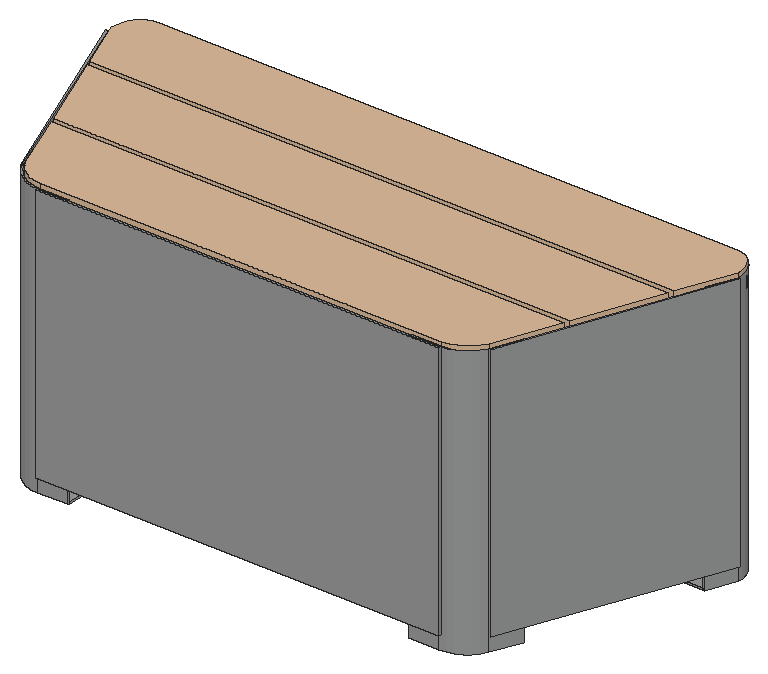
Revit family "1507-S-L", category Meble, Revit 2021
Family settings
  Numer OmniClass = 23.40.20.00
  Tytuł OmniClass = General Furniture and Specialties
  Oparty na płaszczyźnie roboczej = Nie
  Zawsze pionowo = Tak
  Tnij formami wycięć po wczytaniu = Nie
  Współdzielony = Nie
  Punkt obliczania pomieszczeń = Nie
Parameters (values of type "1507-S-L")
  wood = Mobilis Design Wood - Larch
  metal = Mobilis Design RAL 9023
  Width = "44 cm"
  Weight = "45 kg"
  URL = ""
  Product line = "AQUILA"
  Product Groups = ""
  Manufacturer = ""
  Keynote = ""
  Description = ""
  Model = "1507-S-L"
  Material = ""
  Maintenance = ""
  Lenght = "106 cm"
  Type Comments = ""
  Kobenhagen Materials = "larslaj.com/bim"
  Hosted on = ""
  Height = "45 cm"
  Domyślna rzędna = 0 mm
  Copyright = "All designs and drawings are the common intellectual property of Lars Laj A/S and Tress and are protected by Danish and international copyright laws."
Reference planes
  plane 1 "front": y = 0
  plane 2: z = 0
  plane 3 "Środek (Lewa/Prawa)": x = 0
  plane 4 "back": y = 400
  plane 5: z = 706.5
Forms (mm)
  Extrusion 1, solid, material "Mobilis Design RAL 9023" <- "metal", not visible
    sketch origin (0, 0, 0) x (0, 1, 0) y (0, 0, 1)
      loop
        arc (71.187, 451.5) -> (57.045, 445.642) -> (51.187, 431.5) r 20
        line (51.187, 431.5) -> (51.187, 18.231)
        arc (51.187, 18.231) -> (56.527, 5.34) -> (69.418, 0) r 18.231
        line (69.418, 0) -> (153.638, 0) -> (153.638, 15) -> (448.638, 15) -> (448.638, 0) -> (527.023, 0)
        arc (527.023, 0) -> (542.307, 6.331) -> (548.638, 21.615) r 21.615
        line (548.638, 21.615) -> (548.638, 429.407)
        arc (548.638, 429.407) -> (542.168, 445.029) -> (526.545, 451.5) r 22.093
        line (526.545, 451.5) -> (71.187, 451.5)
    from 750.378 to 745
  Extrusion 2, solid, material "Mobilis Design RAL 9023" <- "metal", not visible
    sketch origin (0, 0, 0) x (0, 1, 0) y (0, 0, 1)
      loop
        line (548.638, 396.844) -> (629.375, 854.725) -> (601.836, 859.581)
        arc (601.836, 859.581) -> (585.224, 855.898) -> (576.082, 841.547) r 22.232
        line (576.082, 841.547) -> (507.306, 451.5) -> (526.545, 451.5)
        arc (526.545, 451.5) -> (542.168, 445.029) -> (548.638, 429.407) r 22.093
        line (548.638, 429.407) -> (548.638, 396.844)
    from 745 to 750.378
  Extrusion 3, solid, material "Mobilis Design RAL 9023" <- "metal"
    sketch origin (0, 0, 0) x (1, 0, 0) y (0, 1, 0)
      loop
        arc (-520.66, 475.97) -> (-509.501, 508.042) -> (-478.734, 522.413) r 43.652
        line (-478.734, 522.413) -> (-427.881, 522.312) -> (-427.881, 525.412) -> (-478.784, 525.413)
        arc (-478.784, 525.413) -> (-511.824, 509.867) -> (-523.621, 475.312) r 46.771
        line (-523.621, 475.312) -> (-505.538, 428.325) -> (-502.345, 428.325) -> (-520.66, 475.97)
      loop
        line (423.151, 522.312) -> (474.004, 522.413)
        arc (474.004, 522.413) -> (504.771, 508.042) -> (515.93, 475.97) r 43.652
        line (515.93, 475.97) -> (497.615, 428.325) -> (500.808, 428.325) -> (518.891, 475.312)
        arc (518.891, 475.312) -> (507.094, 509.867) -> (474.054, 525.413) r 46.771
        line (474.054, 525.413) -> (423.151, 525.412) -> (423.151, 522.312)
      loop
        arc (381.301, 128.754) -> (360.421, 104.402) -> (329.659, 95.311) r 56.594
        line (329.659, 95.311) -> (279.659, 95.311) -> (279.659, 92.311) -> (329.659, 92.311)
        arc (329.659, 92.311) -> (362.086, 101.906) -> (384.072, 127.602) r 59.594
        line (384.072, 127.602) -> (402.594, 175.729) -> (399.379, 175.729) -> (381.301, 128.754)
      loop
        line (-386.301, 128.754) -> (-404.379, 175.729) -> (-407.594, 175.729) -> (-389.072, 127.602)
        arc (-389.072, 127.602) -> (-367.086, 101.906) -> (-334.659, 92.311) r 59.594
        line (-334.659, 92.311) -> (-284.659, 92.311) -> (-284.659, 95.311) -> (-334.659, 95.311)
        arc (-334.659, 95.311) -> (-365.421, 104.402) -> (-386.301, 128.754) r 56.594
    from 0 to 450
  Extrusion 4, solid, material "Mobilis Design RAL 9023" <- "metal"
    sketch origin (0, 0, 0) x (1, 0, 0) y (0, 1, 0)
      loop
        line (-334.389, 92.311) -> (-334.389, 89.32) -> (332.159, 89.32) -> (332.159, 92.311) -> (-334.389, 92.311)
      loop
        line (-478.786, 528.312) -> (-478.786, 525.413) -> (476.556, 525.413) -> (476.556, 528.312) -> (-478.786, 528.312)
      loop
        line (521.763, 474.227) -> (518.891, 475.312) -> (384.39, 128.748) -> (386.819, 127.514) -> (521.763, 474.227)
      loop
        line (-526.688, 474.227) -> (-391.153, 127.243) -> (-389.216, 128.127) -> (-523.891, 475.312) -> (-526.688, 474.227)
    from 23.503 to 450
  Extrusion 5, solid, material "Mobilis Design RAL 9023" <- "metal"
    sketch origin (0, 0, 0) x (1, 0, 0) y (0, 1, 0)
      loop
        line (-426.631, 428.325) -> (-426.631, 522.312) -> (-477.484, 522.413)
        arc (-477.484, 522.413) -> (-508.251, 508.042) -> (-519.41, 475.97) r 43.652
        line (-519.41, 475.97) -> (-501.095, 428.325) -> (-426.631, 428.325)
      loop
        line (-283.764, 175.729) -> (-403.484, 175.729) -> (-385.406, 128.754)
        arc (-385.406, 128.754) -> (-364.526, 104.402) -> (-333.764, 95.311) r 56.594
        line (-333.764, 95.311) -> (-283.764, 95.311) -> (-283.764, 175.729)
      loop
        line (426.006, 428.325) -> (500.47, 428.325) -> (518.785, 475.97)
        arc (518.785, 475.97) -> (507.626, 508.042) -> (476.859, 522.413) r 43.652
        line (476.859, 522.413) -> (426.006, 522.312) -> (426.006, 428.325)
      loop
        line (280.639, 175.729) -> (280.639, 95.311) -> (330.639, 95.311)
        arc (330.639, 95.311) -> (361.401, 104.402) -> (382.281, 128.754) r 56.594
        line (382.281, 128.754) -> (400.359, 175.729) -> (280.639, 175.729)
    from 0 to 3.062
  Extrusion 6, solid, material "Mobilis Design Wood - Larch" <- "wood"
    sketch origin (0, 0, 0) x (1, 0, 0) y (0, 1, 0)
      loop
        line (483.581, 385.312) -> (518.43, 475.97)
        arc (518.43, 475.97) -> (507.852, 507.385) -> (478.255, 522.312) r 43.652
        line (478.255, 522.312) -> (-477.985, 522.312)
        arc (-477.985, 522.312) -> (-507.582, 507.385) -> (-518.16, 475.97) r 43.652
        line (-518.16, 475.97) -> (-483.311, 385.312) -> (483.581, 385.312)
      loop
        line (-479.906, 377.312) -> (-426.786, 240.312) -> (427.056, 240.312) -> (480.176, 377.312) -> (-479.906, 377.312)
      loop
        line (-423.386, 232.312) -> (-383.531, 128.754)
        arc (-383.531, 128.754) -> (-362.748, 104.465) -> (-332.12, 95.312) r 56.594
        line (-332.12, 95.312) -> (332.39, 95.312)
        arc (332.39, 95.312) -> (363.018, 104.465) -> (383.801, 128.754) r 56.594
        line (383.801, 128.754) -> (423.656, 232.312) -> (-423.386, 232.312)
    from 421 to 456.842
  Extrusion 7, solid, material "Mobilis Design Wood - Larch" <- "wood"
    sketch origin (0, 0, 0) x (1, 0, 0) y (0, 1, 0)
      loop
        line (-331.332, 95.394) -> (-494.322, 518.902)
        arc (-494.322, 518.902) -> (-513.546, 502.815) -> (-520.751, 478.806) r 43.652
        line (-520.751, 478.806) -> (-386.031, 128.754)
        arc (-386.031, 128.754) -> (-363.856, 103.588) -> (-331.332, 95.394) r 56.594
      loop
        arc (328.832, 95.394) -> (361.356, 103.588) -> (383.531, 128.754) r 56.594
        line (383.531, 128.754) -> (518.251, 478.806)
        arc (518.251, 478.806) -> (511.046, 502.815) -> (491.822, 518.902) r 43.652
        line (491.822, 518.902) -> (328.832, 95.394)
      loop
        line (-20.941, 522.312) -> (-20.941, 95.312) -> (20.636, 95.312) -> (20.636, 522.312) -> (-20.941, 522.312)
    from 379.562 to 421
  Extrusion 8, solid, material "Mobilis Design RAL 9023" <- "metal"
    sketch origin (0, 0, 0) x (1, 0, 0) y (0, 1, 0)
      loop
        line (-331.332, 95.394) -> (-494.322, 518.902)
        arc (-494.322, 518.902) -> (-513.546, 502.815) -> (-520.751, 478.806) r 43.652
        line (-520.751, 478.806) -> (-386.031, 128.754)
        arc (-386.031, 128.754) -> (-363.856, 103.588) -> (-331.332, 95.394) r 56.594
      loop
        arc (384.706, 132.203) -> (362.75, 105.092) -> (329.067, 96.007) r 56.594
        line (329.067, 96.007) -> (491.055, 516.907)
        arc (491.055, 516.907) -> (510.226, 501.38) -> (517.918, 477.94) r 43.652
        line (517.918, 477.94) -> (384.838, 132.152)
      loop
        line (-20.941, 522.312) -> (-20.941, 485.246) -> (20.636, 485.246) -> (20.636, 522.312) -> (-20.941, 522.312)
      loop
        line (-20.941, 95.312) -> (20.636, 95.312) -> (20.636, 140.312) -> (-20.941, 140.312) -> (-20.941, 95.312)
    from 376.436 to 379.562
Lines and regions (mm)
  model lines, style "9"
    curve 1: line (264.233, -399.489, 0) -> (264.233, -405.489, 0)
    curve 2: line (-304.767, -399.489, 0) -> (-304.767, -405.489, 0)
    curve 3: line (-281.767, -399.489, 0) -> (-281.767, -405.489, 0)
Dimensions and locks
  aligned and locked: level to plane 2
